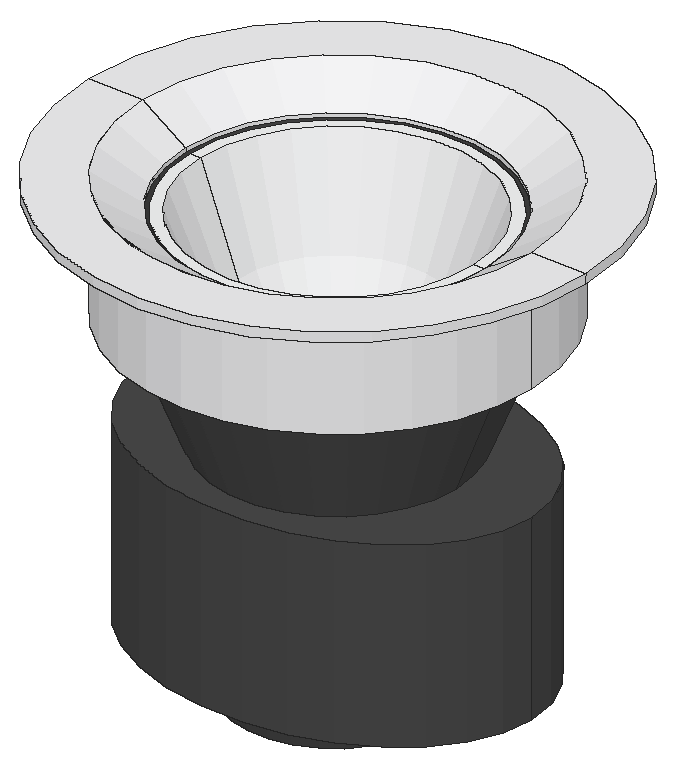
Revit family "Lighting Fixture_Sylvania_Expospot 70 Fixed_Ceiling Recessed", category Lighting Fixtures, host Face, Revit 2016
Family settings
  Host = Face
  Part Type = Normal
  Round Connector Dimension = Use Diameter
  OmniClass Number = 23.80.70.11.17
  OmniClass Title = Specialized Lighting by Location or Use
  Cut with Voids When Loaded = No
  Light Source = Yes
  Shared = No
  Room Calculation Point = No
Parameters (values of type "EXPOSPOT 70 FIX 80 3K NB WHT")
  Weight = 0.52 kg  # constant formula
  Total Power Consumption = 20.9996 W
  Reflector Material = Aluminum_Sylvania_Expospot_Polished
  Radius = Diameter / 2  # 55.0 mm
  Cooling Small Axis = Radius - 23.0 mm  # 32.0 mm
  Cooling Big Axis = Radius - 12.0 mm  # 43.0 mm
  Product Code = "0060225"
  Photobiological Risk Group = "RG1"  # constant formula
  Nominal Frequency = "50/60Hz"  # constant formula
  Max. Luminaires per 20A C Breaker = "70"  # constant formula
  Max. Luminaires per 20A B Breaker = "42"  # constant formula
  Max. Luminaires per 16A C Breaker = "51"  # constant formula
  Max. Luminaires per 16A B Breaker = "31"  # constant formula
  Max. Luminaires per 13A C Breaker = "41"  # constant formula
  Max. Luminaires per 13A B Breaker = "25"  # constant formula
  Max. Luminaires per 10A C Breaker = "31"  # constant formula
  Max. Luminaires per 10A B Breaker = "19"  # constant formula
  Lamp Power Factor = 0.9  # constant formula
  LOR = "100%"  # constant formula
  Inrush Duration = "139µs"  # constant formula
  Inrush Current = 28 A  # constant formula
  IP Rating = "IP20"  # constant formula
  IK Rating = "IK02"  # constant formula
  Height = 101.0 mm  # constant formula
  Wattage = 21.0007 W
  built-in parameter 1150110 = 1 (stored number, unit not read)
  Voltage Comments = "220-240V~"  # constant formula
  Voltage = 240 V  # constant formula
  URL = "http://www.sylvania-lighting.com/product/en-int/category/interior-lighting/accent-downlights/families/expospot-led/expospot-70-fixed"
  built-in parameter 1114217 = 1 (stored number, unit not read)
  Tilt Angle = -90°  # constant formula
  built-in parameter 1150109 = 1 (stored number, unit not read)
  built-in parameter 1150134 = (empty or 0)
  built-in parameter 1150113 = 1 (stored number, unit not read)
  Product Page URL = "http://www.sylvania-lighting.com/product/en-int/products/0060225"
  Product Family = "EXPOSPOT 70 FIXED"  # constant formula
  Photometry Comments = ""
  Photometric Web File = "0060225.ies"
  Glow Wire Test = 850 °C  # constant formula
  Emit from Circle Diameter = Diameter - 24.0 mm  # 86.0 mm
  Emit Shape Visible in Rendering = no
  Electrical Protection = "Class II"  # constant formula
  Drive Current = "500mA"  # constant formula
  Dimmable = "N"  # constant formula
  Diffuser Material = Acrylic_Sylvania_Expospot_3000K
  Diameter = 110.0 mm  # constant formula
  Cutout Diameter = Diameter - 10.0 mm  # 100.0 mm
  Created by URL = "http://all1studio.com/"
  Created by = "All 1 Studio Ltd. "  # constant formula
  Control Gear Type = "Electronic"  # constant formula
  Control Gear Required = "No"  # constant formula
  Control Gear Mounting = "Remote"  # constant formula
  Colour Variation Initial = "3SDCM"  # constant formula
  built-in parameter 1114216 [instance] = 1 (stored number, unit not read)
  Model = "EXPOSPOT 70 FIX 80 3K NB WHT"
  Manufacturer = "Feilo Sylvania"  # constant formula
  built-in parameter 1150105 = 3739.4 (stored number, unit not read)
  Lumens = 2149 lm
  built-in parameter 1150115 = 1 (stored number, unit not read)
  built-in parameter 1150137 = (empty or 0)
  built-in parameter 1150139 = (empty or 0)
  built-in parameter 1150112 = 1 (stored number, unit not read)
  built-in parameter 1150114 = 1 (stored number, unit not read)
  Lamp = "LED"  # constant formula
  built-in parameter 1150132 = 2
  built-in parameter 1150102 = (empty or 0)
  built-in parameter 1150107 = 3000 (stored number, unit not read)
  built-in parameter 1150138 = 3000
  built-in parameter 1150106 = 37.394 (stored number, unit not read)
  CRI = "80Ra"
  Body Material = Aluminum_Sylvania_Expospot_White
  built-in parameter 1150104 = 9.5068 (stored number, unit not read)
  Dimming Lamp Color Temperature Shift = (empty or 0)
  Description = "Specifically designed for Retail and Display applications. I.e. Supermarkets, Fashion Retail, Department stores. Build around a 70mm reflector and lens combination."  # constant formula
  Default Elevation = 0.0 mm
  Color Filter = 16777215
  built-in parameter 1140040 [instance] = 1
  Beam Angle = 25°
  built-in parameter 1114218 = 1 (stored number, unit not read)
  Average Life = "50 000h"  # constant formula
  built-in parameter 1150133 = 10 (stored number, unit not read)
  Assembly Code = "D5020200"
  Apparent Load Comments = ""
  Apparent Load = 20.9996 VA
  Cooling Material = Plastic_Sylvania_Expospot_Black
Types (12, lengths in mm): name | Product Code | Wattage | built-in parameter 1150134 | Product Page URL | Photometric Web File | Diffuser Material | Model | built-in parameter 1150105 | Lumens | built-in parameter 1150107 | built-in parameter 1150106 | CRI | built-in parameter 1150104 | Dimming Lamp Color Temperature Shift | Beam Angle
  EXPOSPOT 70 FIX 90 4K WB WHT | "0060236" | 20.9996 W | 12 | "http://www.sylvania-lighting.com/product/en-int/products/0060236" | "0060236.ies" | Acrylic_Sylvania_Expospot_4000K | "EXPOSPOT 70 FIX 90 4K WB WHT" | 158.2 (stored number, unit not read) | 1988 lm | 4000 (stored number, unit not read) | 1.582 (stored number, unit not read) | "90Ra" | 8.795 (stored number, unit not read) | <None> | 52°
  EXPOSPOT 70 FIX 90 4K MB WHT | "0060235" | 20.9996 W | 12 | "http://www.sylvania-lighting.com/product/en-int/products/0060235" | "0060235.ies" | Acrylic_Sylvania_Expospot_4000K | "EXPOSPOT 70 FIX 90 4K MB WHT" | 156.29 (stored number, unit not read) | 1964 lm | 4000 (stored number, unit not read) | 1.5629 (stored number, unit not read) | "90Ra" | 8.6888 (stored number, unit not read) | <None> | 42°
  EXPOSPOT 70 FIX 90 4K NB WHT | "0060234" | 20.9996 W | 12 | "http://www.sylvania-lighting.com/product/en-int/products/0060234" | "0060234.ies" | Acrylic_Sylvania_Expospot_4000K | "EXPOSPOT 70 FIX 90 4K NB WHT" | 139.34 (stored number, unit not read) | 1751 lm | 4000 (stored number, unit not read) | 1.3934 (stored number, unit not read) | "90Ra" | 7.7465 (stored number, unit not read) | <None> | 24°
  EXPOSPOT 70 FIX 90 3K WB WHT | "0060233" | 20.9996 W | (empty or 0) | "http://www.sylvania-lighting.com/product/en-int/products/0060233" | "0060233.ies" | Acrylic_Sylvania_Expospot_3000K | "EXPOSPOT 70 FIX 90 3K WB WHT" | 144.43 (stored number, unit not read) | 1815 lm | 3000 (stored number, unit not read) | 1.4443 (stored number, unit not read) | "90Ra" | 8.0296 (stored number, unit not read) | <None> | 53°
  EXPOSPOT 70 FIX 90 3K MB WHT | "0060232" | 20.9996 W | (empty or 0) | "http://www.sylvania-lighting.com/product/en-int/products/0060232" | "0060232.ies" | Acrylic_Sylvania_Expospot_3000K | "EXPOSPOT 70 FIX 90 3K MB WHT" | 142.68 (stored number, unit not read) | 1793 lm | 3000 (stored number, unit not read) | 1.4268 (stored number, unit not read) | "90Ra" | 7.9323 (stored number, unit not read) | <None> | 42°
  EXPOSPOT 70 FIX 90 3K NB WHT | "0060231" | 20.9996 W | (empty or 0) | "http://www.sylvania-lighting.com/product/en-int/products/0060231" | "0060231.ies" | Acrylic_Sylvania_Expospot_3000K | "EXPOSPOT 70 FIX 90 3K NB WHT" | 140.77 (stored number, unit not read) | 1769 lm | 3000 (stored number, unit not read) | 1.4077 (stored number, unit not read) | "90Ra" | 7.8261 (stored number, unit not read) | <None> | 25°
  EXPOSPOT 70 FIX 80 4K WB WHT | "0060230" | 20.9996 W | 12 | "http://www.sylvania-lighting.com/product/en-int/products/0060230" | "0060230.ies" | Acrylic_Sylvania_Expospot_4000K | "EXPOSPOT 70 FIX 80 4K WB WHT" | 158.12 (stored number, unit not read) | 1987 lm | 4000 (stored number, unit not read) | 1.5812 (stored number, unit not read) | "80Ra" | 8.7906 (stored number, unit not read) | <None> | 54°
  EXPOSPOT 70 FIX 80 4K MB WHT | "0060229" | 20.9996 W | 12 | "http://www.sylvania-lighting.com/product/en-int/products/0060229" | "0060229.ies" | Acrylic_Sylvania_Expospot_4000K | "EXPOSPOT 70 FIX 80 4K MB WHT" | 176.98 (stored number, unit not read) | 2224 lm | 4000 (stored number, unit not read) | 1.7698 (stored number, unit not read) | "80Ra" | 9.8391 (stored number, unit not read) | <None> | 42°
  EXPOSPOT 70 FIX 80 4K NB WHT | "0060228" | 20.9996 W | 12 | "http://www.sylvania-lighting.com/product/en-int/products/0060228" | "0060228.ies" | Acrylic_Sylvania_Expospot_4000K | "EXPOSPOT 70 FIX 80 4K NB WHT" | 175.15 (stored number, unit not read) | 2201 lm | 4000 (stored number, unit not read) | 1.7515 (stored number, unit not read) | "80Ra" | 9.7373 (stored number, unit not read) | <None> | 25°
  EXPOSPOT 70 FIX 80 3K WB WHT | "0060227" | 20.9996 W | (empty or 0) | "http://www.sylvania-lighting.com/product/en-int/products/0060227" | "0060227.ies" | Acrylic_Sylvania_Expospot_3000K | "EXPOSPOT 70 FIX 80 3K WB WHT" | 165.68 (stored number, unit not read) | 2082 lm | 3000 (stored number, unit not read) | 1.6568 (stored number, unit not read) | "80Ra" | 9.2109 (stored number, unit not read) | <None> | 54°
  EXPOSPOT 70 FIX 80 3K MB WHT | "0060226" | 20.9996 W | (empty or 0) | "http://www.sylvania-lighting.com/product/en-int/products/0060226" | "0060226.ies" | Acrylic_Sylvania_Expospot_3000K | "EXPOSPOT 70 FIX 80 3K MB WHT" | 171.25 (stored number, unit not read) | 2152 lm | 3000 (stored number, unit not read) | 1.7125 (stored number, unit not read) | "80Ra" | 9.5206 (stored number, unit not read) | <None> | 43°
  EXPOSPOT 70 FIX 80 3K NB WHT | "0060225" | 21.0007 W | (empty or 0) | "http://www.sylvania-lighting.com/product/en-int/products/0060225" | "0060225.ies" | Acrylic_Sylvania_Expospot_3000K | "EXPOSPOT 70 FIX 80 3K NB WHT" | 3739.4 (stored number, unit not read) | 2149 lm | 3000 (stored number, unit not read) | 37.394 (stored number, unit not read) | "80Ra" | 9.5068 (stored number, unit not read) | (empty or 0) | 25°
Reference planes
  plane 1 "Center (Front/Back)": y = 0
  plane 2: z = 0
  plane 3 "Center (Left/Right)": x = -7.423
  plane 4 "Fixture Bottom": z = 2
  plane 5: x = -62.423
  plane 6: x = -50.423
  plane 7: x = -40.923
  plane 8: z = -5
  plane 9: x = -47.923
  plane 10: z = -4.2
  plane 11: x = -39.923
  plane 12: x = -18.423
  plane 13: x = -20.753
  plane 14: z = -46
  plane 15: z = -25
  plane 16: z = -90.5
  plane 17 "Fixture Top": z = -99
  plane 18: z = -50.5
Forms (mm)
  Revolve 1, solid, material "Aluminum_Sylvania_Expospot_White" <- "Body Material", detail levels fine
    sketch origin (0, 0, 0) x (1, 0, 0) y (0, 0, 1)
      loop
        line (-50.423, 2) -> (-62.423, 2) -> (-62.423, 0) -> (-50.423, 0) -> (-50.423, -25) -> (-47.923, -25) -> (-47.923, -5) -> (-40.923, -5) -> (-40.923, -4.2) -> (-50.423, 2)
      axis (-7.423, 2) -> (-7.423, -25)
    angle from 0 to 360
  Revolve 2, solid, material "Aluminum_Sylvania_Expospot_Polished" <- "Reflector Material", detail levels fine
    sketch origin (0, 0, 0) x (1, 0, 0) y (0, 0, 1)
      loop
        arc (-39.923, -5) -> (-31.687, -26.131) -> (-20.753, -46) r 172.616
        line (-20.753, -46) -> (-18.423, -46)
        arc (-18.423, -46) -> (-29.46, -26.173) -> (-37.623, -5) r 162.237
        line (-37.623, -5) -> (-39.923, -5)
      axis (-7.423, -5) -> (-7.423, -46)
    angle from 0 to 360
  Revolve 3, solid, material "Acrylic_Sylvania_Expospot_3000K" <- "Diffuser Material", detail levels fine
    sketch origin (0, 0, 0) x (1, 0, 0) y (0, 0, 1)
      loop
        arc (-7.423, -37.989) -> (-14.227, -40.204) -> (-18.423, -46) r 11.557
        line (-18.423, -46) -> (-17.367, -46)
        arc (-17.367, -46) -> (-13.506, -40.918) -> (-7.423, -38.989) r 10.557
        line (-7.423, -38.989) -> (-7.423, -37.989)
      axis (-7.423, -37.989) -> (-7.423, -46)
    angle from 0 to 360
  Extrusion 4, solid, material "Plastic_Sylvania_Expospot_Black" <- "Cooling Material", detail levels fine
    sketch origin (0, 0, 0) x (1, 0, 0) y (0, 1, 0)
      loop
        spline (35.577, 0) -> (34.112, 8.282) -> (29.816, 16) -> (22.983, 22.627) -> (14.077, 27.713) -> (3.707, 30.91) -> (-7.423, 32) -> (-18.552, 30.91) -> (-28.923, 27.713) -> (-37.828, 22.627) -> (-44.662, 16) -> (-48.958, 8.282) -> (-50.423, 0)
        spline (-50.423, 0) -> (-48.958, -8.282) -> (-44.662, -16) -> (-37.828, -22.627) -> (-28.923, -27.713) -> (-18.552, -30.91) -> (-7.423, -32) -> (3.707, -30.91) -> (14.077, -27.713) -> (22.983, -22.627) -> (29.816, -16) -> (34.112, -8.282) -> (35.577, 0)
    from -90.5 to -50.5
  Revolve 5, solid, material "Plastic_Sylvania_Expospot_Black" <- "Cooling Material", detail levels fine
    sketch origin (0, 0, 0) x (1, 0, 0) y (0, 0, 1)
      loop
        line (-31.337, -90.5) -> (-31.337, -92.433) -> (-29.248, -99) -> (-7.423, -99) -> (-7.423, -90.5) -> (-31.337, -90.5)
      axis (-7.423, -90.5) -> (-7.423, -99)
    angle from 0 to 360
  Extrusion 6, void
    sketch origin (0, 0, 0) x (1, 0, 0) y (0, 1, 0)
      loop
        circle (-7.423, 0) r 50
    from -90.5 to 0
  Revolve 7, solid, material "Aluminum_Sylvania_Expospot_White" <- "Body Material", detail levels coarse+medium
    sketch origin (0, 0, 0) x (1, 0, 0) y (0, 0, 1)
      loop
        line (-62.423, 2) -> (-62.423, 0) -> (-50.423, 0) -> (-50.423, -99) -> (-7.423, -99) -> (-7.423, 2) -> (-62.423, 2)
      axis (-7.423, 2) -> (-7.423, -99)
    angle from 0 to 360
  Revolve 8, solid, material "Plastic_Sylvania_Expospot_Black" <- "Cooling Material", detail levels fine
    sketch origin (0, 0, 0) x (1, 0, 0) y (0, 0, 1)
      loop
        line (-47.923, -5) -> (-47.923, -25) -> (-44.155, -25) -> (-33.852, -50.5) -> (-7.423, -50.5) -> (-7.423, -46) -> (-34.592, -46) -> (-43.48, -24) -> (-46.923, -24) -> (-46.923, -5) -> (-47.923, -5)
      axis (-7.423, -5) -> (-7.423, -50.5)
    angle from 0 to 360
Cuts and joins
  joined: Extrusion 4, Revolve 5
Lines and regions (mm)
  Masking region 1
    outline origin (0, 0, 0) x (1, 0, 0) y (0, 1, 0)
      loop
        circle (-7.423, 0) r 55
  symbolic lines, detail levels fine
    curve 1: arc (-50.423, 0, 0) -> (-7.423, 43, 0) -> (35.577, 0, 0) r 43
    curve 2: arc (35.577, 0, 0) -> (-7.423, -43, 0) -> (-50.423, 0, 0) r 43
    curve 3: arc (3.577, 0, 0) -> (-7.423, -11, 0) -> (-18.423, 0, 0) r 11
    curve 4: arc (-18.423, 0, 0) -> (-7.423, 11, 0) -> (3.577, 0, 0) r 11
Dimensions and locks
  "Radius": plane 3 "Center (Left/Right)" to plane 5
  Revolve 3 sketch curve to Revolve 3 sketch curve to plane 14 = 1.0 mm locked, 7.011 mm locked
  "Cooling Small Axis": plane 1 "Center (Front/Back)" to Extrusion 4 sketch curve
  "Cooling Big Axis": Extrusion 4 sketch curve to plane 3 "Center (Left/Right)"
  "Height": plane 4 "Fixture Bottom" to plane 17 "Fixture Top"
  locked: plane 16 to plane 17 "Fixture Top" at 8.5
  plane 12 to plane 13 to plane 11 to plane 7 to plane 9 to plane 6 to plane 5 = 2.33 mm locked, 19.17 mm locked, 1.0 mm locked, 7.0 mm locked, 2.5 mm locked, 12.0 mm locked
  locked: Revolve 2 sketch curve to plane 11 at 2.3
  plane 4 "Fixture Bottom" to plane 10 to plane 8 to plane 15 to plane 14 to plane 18 = 6.2 mm locked, 0.8 mm locked, 20.0 mm locked, 21.0 mm locked, 4.5 mm locked
  "Cutout Diameter": diameter of Extrusion 6 sketch curve
  aligned and locked: host face to plane 2
  aligned and locked: host face to level
  aligned and locked: plane 1 "Center (Front/Back)" to imposter light
  aligned and locked: plane 3 "Center (Left/Right)" to imposter light
  aligned and locked: Revolve 1 sketch curve to plane 5
  aligned and locked: Revolve 1 sketch curve to plane 6
  aligned and locked: plane 9 to Revolve 1 sketch curve
  aligned and locked: plane 7 to Revolve 1 sketch curve
  aligned and locked: plane 10 to Revolve 1 sketch curve
  aligned and locked: plane 6 to Revolve 1 sketch curve
  aligned and locked: plane 8 to Revolve 1 sketch curve
  aligned and locked: Revolve 1 sketch curve to plane 2
  aligned and locked: plane 4 "Fixture Bottom" to Revolve 1 sketch curve
  aligned and locked: plane 15 to Revolve 1 sketch curve
  aligned and locked: plane 16 to Extrusion 4
  aligned and locked: plane 16 to Extrusion 6
  aligned and locked: plane 2 to Extrusion 6
  aligned and locked: Revolve 7 sketch curve to plane 6
  aligned and locked: plane 17 "Fixture Top" to Revolve 7 sketch curve
  aligned and locked: Revolve 7 sketch curve to plane 2
  aligned and locked: plane 4 "Fixture Bottom" to Revolve 7 sketch curve
  aligned and locked: Revolve 7 sketch curve to plane 5
  aligned and locked: plane 3 "Center (Left/Right)" to Revolve 7 sketch curve
  aligned and locked: curve 1 to Revolve 1
  aligned and locked: curve 2 to Revolve 1
  aligned and locked: curve 3 to Revolve 3
  aligned and locked: curve 4 to Revolve 3
  aligned and locked: imposter light to plane 4 "Fixture Bottom"
  aligned and locked: cut or joined group of Extrusion 4, Revolve 5 to plane 18
  aligned and locked: plane 14 to Revolve 8 sketch curve
Automatic sketch dimensions
  host sketch curve to host sketch curve = 1506.034 mm
  host sketch curve to host sketch curve = 1442.359 mm
  Revolve 1 sketch curve to plane 3 "Center (Left/Right)" = 0.0 mm
  Revolve 1 sketch curve to Revolve 1 sketch curve = 23.246 mm
  plane 4 "Fixture Bottom" to Revolve 1 sketch curve = 11.292 mm
  Revolve 3 sketch curve to Revolve 3 sketch curve = 0.0 mm
  Revolve 3 sketch curve to plane 12 = 0.0 mm
  Revolve 3 sketch curve to plane 14 = 0.0 mm
  Revolve 3 sketch curve to plane 3 "Center (Left/Right)" = 0.0 mm  (x2)
  Revolve 3 sketch curve to plane 14 = 1.818 mm
  plane 8 to Revolve 3 sketch curve = 3.0 mm
  Revolve 5 sketch curve to plane 16 = 0.0 mm
  Revolve 5 sketch curve to plane 17 "Fixture Top" = 0.0 mm
  Revolve 5 sketch curve to plane 3 "Center (Left/Right)" = 0.0 mm  (x2)
  plane 16 to Revolve 5 sketch curve = 1.933 mm
  plane 17 "Fixture Top" to Revolve 5 sketch curve = 271.274 mm
  plane 4 "Fixture Bottom" to Revolve 5 sketch curve = 1145.706 mm
  plane 1 "Center (Front/Back)" to Extrusion 4 sketch curve = 0.0 mm
  Extrusion 4 sketch curve to plane 3 "Center (Left/Right)" = 0.0 mm
  plane 1 "Center (Front/Back)" to Extrusion 6 sketch curve = 0.0 mm
  Extrusion 6 sketch curve to plane 3 "Center (Left/Right)" = 0.0 mm
  Revolve 7 sketch curve to plane 3 "Center (Left/Right)" = 0.0 mm
  plane 17 "Fixture Top" to Revolve 7 sketch curve = 24.097 mm
  Revolve 7 sketch curve to Revolve 7 sketch curve = 45.0 mm
  Masking region 1 sketch curve to Masking region 1 sketch curve = 0.0 mm  (x2)
  plane 1 "Center (Front/Back)" to Masking region 1 sketch curve = 0.0 mm
  Masking region 1 sketch curve to plane 5 = 0.0 mm
  Masking region 1 sketch curve to plane 3 "Center (Left/Right)" = 0.0 mm
  Revolve 2 sketch curve to plane 8 = 0.0 mm
  Revolve 2 sketch curve to plane 11 = 0.0 mm
  Revolve 2 sketch curve to plane 13 = 0.0 mm
  Revolve 2 sketch curve to plane 12 = 0.0 mm
  plane 3 "Center (Left/Right)" to Revolve 2 sketch curve = 0.0 mm
  Revolve 2 sketch curve to plane 14 = 0.0 mm
  plane 4 "Fixture Bottom" to Revolve 2 sketch curve = 40.631 mm
  Revolve 2 sketch curve to Revolve 2 sketch curve = 7.216 mm
  plane 17 "Fixture Top" to Revolve 2 sketch curve = 294.274 mm
  Revolve 2 sketch curve to Revolve 2 sketch curve = 1100.726 mm
  plane 11 to Revolve 5 sketch curve = 10.675 mm
  plane 7 to Revolve 5 sketch curve = 9.586 mm
  Revolve 8 sketch curve to plane 9 = 0.0 mm
  Revolve 8 sketch curve to plane 15 = 0.0 mm
  Revolve 8 sketch curve to plane 18 = 0.0 mm
  Revolve 8 sketch curve to plane 3 "Center (Left/Right)" = 0.0 mm  (x2)
  Revolve 8 sketch curve to plane 8 = 0.0 mm
  Revolve 8 sketch curve to plane 7 = 3.232 mm
  Revolve 8 sketch curve to Revolve 8 sketch curve = 0.675 mm
  plane 11 to Revolve 8 sketch curve = 6.071 mm
  Revolve 8 sketch curve to Revolve 8 sketch curve = 0.74 mm
  Revolve 8 sketch curve to plane 15 = 1.0 mm
  Revolve 8 sketch curve to Revolve 8 sketch curve = 1.0 mm
  plane 17 "Fixture Top" to Revolve 8 sketch curve = 273.274 mm
  plane 4 "Fixture Bottom" to Revolve 8 sketch curve = 1145.706 mm
Connectors
  electrical at (-7.423, 0, -99), driven by "Voltage", driven by "Apparent Load", driven by "Lamp Power Factor"
    settings: on cut or joined group of Extrusion 4, Revolve 5, index 1, voltage 240 V, apparent load 0 VA, apparent load phase1 20.9996 VA, apparent load phase2 0 VA, apparent load phase3 0 VA, power factor 0.9, load classification "Lighting", number of poles 1, system type 31, power factor state 1, is connector primary yes, connector utility no, sub classification motor no, connector description ""
